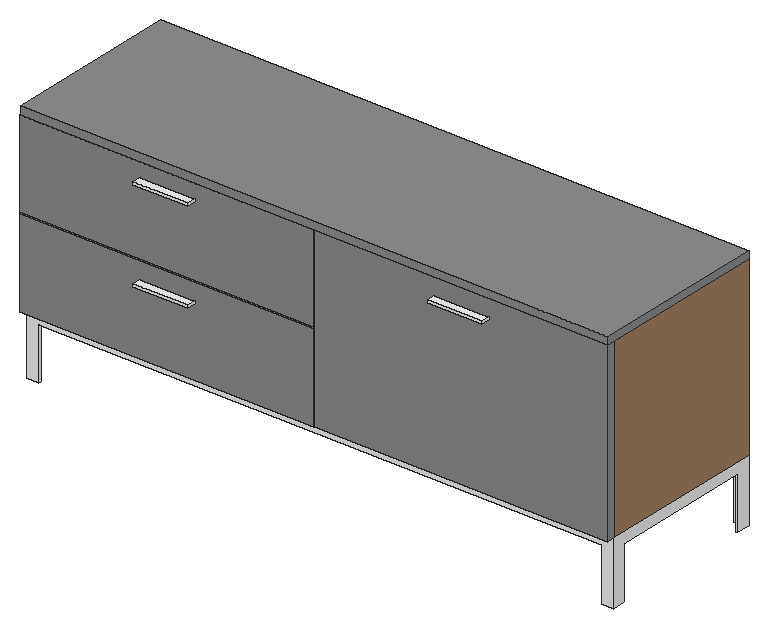
Revit family
Parameters (values of type "1400 x 400 x 400 mm")
  Profondità = 400 mm
  Manufacturer = "Revit"
  Piedi Visibili [instance] = yes
  Materiale Maniglie = Metallo - Alluminio
  Materiale Lati = Legno - Mogano
  Materiale = Smalto - Grigio
  Larghezza = 1400 mm
Types (4, lengths in mm): name | Larghezza
  (no name) | 1400
  1400 x 400 x 400 mm | 1400
  1200 x 400 x 400 mm | 1200
  1000 x 400 x 400 mm | 1000
Reference planes
  plane 1 "Center (Front/Back)": y = 0
  plane 2: z = 0
  plane 3 "Center (Left/Right)": x = -100
  plane 4: y = -400
  plane 5: x = -800
  plane 6: x = 600
  plane 7: x = -333.333
  plane 8: x = 133.333
  plane 9: z = 360
  plane 10: z = 530
Forms (mm)
  Extrusion 1, solid, material "Legno - Mogano" <- "Materiale Lati"
    sketch origin (0, 0, 150) x (1, 0, 0) y (0, 1, 0)
      loop
        line (-800, 0) -> (-800, -400) -> (600, -400) -> (600, 0) -> (-800, 0)
    from 0 to 20
  Extrusion 2, solid, material "Legno - Mogano" <- "Materiale Lati"
    sketch origin (0, 0, 170) x (1, 0, 0) y (0, 1, 0)
      loop
        line (-800, 0) -> (-800, -400) -> (-780, -400) -> (-780, -20) -> (580, -20) -> (580, -400) -> (600, -400) -> (600, 0) -> (-800, 0)
    from 0 to 400
  Extrusion 3, solid, material "Smalto - Grigio" <- "Materiale"
    sketch origin (0, 0, 570) x (1, 0, 0) y (0, 1, 0)
      loop
        line (-800, 0) -> (-800, -418) -> (600, -418) -> (600, 0) -> (-800, 0)
    from 0 to 18
  Extrusion 4, solid, material "Smalto - Grigio" <- "Materiale"
    sketch origin (-800, -400, 170) x (0, 0, -1) y (1, 0, 0)
      loop
        line (20, 702) -> (20, 1400) -> (-400, 1400) -> (-400, 702) -> (20, 702)
      loop
        line (20, 0) -> (20, 700) -> (-188, 700) -> (-188, 0) -> (20, 0)
      loop
        line (-400, 0) -> (-192, 0) -> (-192, 700) -> (-400, 700) -> (-400, 0)
    from 0 to 18
Cuts and joins
  joined: Extrusion 1, Extrusion 2
Lines and regions (mm)
  symbolic lines
    curve 1: line (600, 0, 0) -> (-800, 0, 0)
    curve 2: line (-800, 0, 0) -> (-800, -418, 0)
    curve 3: line (-800, -418, 0) -> (600, -418, 0)
    curve 4: line (600, -418, 0) -> (600, 0, 0)
    curve 5: line (236, -418, 0) -> (236, -438, 0)
    curve 6: line (236, -438, 0) -> (366, -438, 0)
    curve 7: line (366, -438, 0) -> (366, -418, 0)
    curve 8: line (-165, -418, 0) -> (-165, -438, 0)
    curve 9: line (-165, -438, 0) -> (-35, -438, 0)
    curve 10: line (-35, -438, 0) -> (-35, -418, 0)
    curve 11: line (-566, -418, 0) -> (-566, -438, 0)
    curve 12: line (-566, -438, 0) -> (-436, -438, 0)
    curve 13: line (-436, -438, 0) -> (-436, -418, 0)
Dimensions and locks
  "Profondità": plane 4 to plane 1 "Center (Front/Back)"
  "Larghezza": plane 5 to plane 6
  plane 5 to plane 6 = 1400 mm
  locked: Extrusion 2 sketch curve to Extrusion 2 sketch curve at 20  (x3)
  equal spacing: plane 5, plane 7, plane 8, plane 6
  equal spacing: Extrusion 4, nested 2, Extrusion 4
  equal spacing: Extrusion 4, nested 3, Extrusion 4
  equal spacing: Extrusion 4, nested 4, Extrusion 4
  equal spacing: Extrusion 3, plane 9, Extrusion 1
  equal spacing: plane 5, plane 3 "Center (Left/Right)", plane 6
  aligned and locked: plane 5 to Extrusion 1 sketch curve
  aligned and locked: plane 6 to Extrusion 1 sketch curve
  aligned and locked: Extrusion 2 sketch curve to Extrusion 1  (x2)
  aligned and locked: Extrusion 1 to Extrusion 2 sketch curve
  aligned and locked: Extrusion 3 to Extrusion 4
  aligned and locked: Extrusion 1 sketch curve to plane 5
  aligned and locked: Extrusion 3 sketch curve to plane 5
  aligned and locked: plane 6 to Extrusion 3 sketch curve
  aligned and locked: Extrusion 3 to nested 2
  aligned and locked: Extrusion 3 to nested 3
  aligned and locked: Extrusion 4 to nested 4
  aligned and locked: Extrusion 4 sketch curve to plane 6
  aligned and locked: Extrusion 4 sketch curve to plane 5
  aligned and locked: plane 5 to Extrusion 4 sketch curve
  aligned and locked: plane 5 to nested 1
  aligned and locked: nested 1 to plane 1 "Center (Front/Back)"
Automatic sketch dimensions
  curve 2 to curve 11 = 234 mm
  plane 4 to curve 13 = 38 mm
  curve 11 to curve 13 = 130 mm
  curve 9 to plane 3 "Center (Left/Right)" = 65 mm
  plane 3 "Center (Left/Right)" to curve 9 = 65 mm
  plane 4 to curve 5 = 38 mm
  curve 5 to curve 7 = 130 mm
  curve 10 to curve 10 = 20 mm
  Extrusion 1 sketch curve to plane 4 = 0 mm
  Extrusion 1 sketch curve to plane 1 "Center (Front/Back)" = 0 mm
  Extrusion 2 sketch curve to plane 4 = 0 mm  (x2)
  Extrusion 3 sketch curve to plane 1 "Center (Front/Back)" = 0 mm
  plane 4 to Extrusion 3 sketch curve = 18 mm
  curve 1 to plane 1 "Center (Front/Back)" = 0 mm
  curve 1 to plane 5 = 0 mm
  curve 4 to plane 6 = 0 mm
  curve 9 to curve 6 = 271 mm
  plane 4 to curve 10 = 38 mm
  Extrusion 4 sketch curve to plane 3 "Center (Left/Right)" = 0 mm  (x2)
  Extrusion 4 sketch curve to plane 10 = 40 mm
  Extrusion 4 sketch curve to Extrusion 4 sketch curve = 0 mm  (x2)
  Extrusion 4 sketch curve to plane 9 = 2 mm
  plane 9 to Extrusion 4 sketch curve = 2 mm
  level to Extrusion 4 sketch curve = 150 mm
  plane 3 "Center (Left/Right)" to Extrusion 4 sketch curve = 2 mm
Nested families
  nested 1: "IT_Piedi Cassettiere" at (-100, -200, 0), visible <- "Piedi Visibili", type "IT_Piedi Cassettiere"
    with Larghezza 1400 mm
  nested 2: "IT_Maniglia" at (251, -418, 524), type "130 x 20 mm", detail levels medium+fine
  nested 3: "IT_Maniglia" at (-450, -418, 530), type "130 x 20 mm", detail levels medium+fine
  nested 4: "IT_Maniglia" at (-450, -418, 312), type "130 x 20 mm", detail levels medium+fine
Definition of nested family "IT_Piedi Cassettiere"
  Parameters
    Manufacturer = "Revit"
    Materiale = none
    Lunghezza = 400 mm
    Larghezza = 1200 mm
  Reference planes
    plane 1 "Center (Front/Back)": y = 0
    plane 2: z = 0
    plane 3 "Center (Left/Right)": x = 0
    plane 4: x = -600
    plane 5: x = 600
    plane 6: y = 200
    plane 7: y = -200
  Forms (mm)
    Extrusion 1, solid, material <- "Materiale"
      sketch origin (0, 0, 0) x (1, 0, 0) y (0, 1, 0)
        loop
          line (-600, 200) -> (-600, 170) -> (-595, 170) -> (-595, 195) -> (-570, 195) -> (-570, 200) -> (-600, 200)
        loop
          line (600, 200) -> (570, 200) -> (570, 195) -> (595, 195) -> (595, 170) -> (600, 170) -> (600, 200)
        loop
          line (-600, -200) -> (-570, -200) -> (-570, -195) -> (-595, -195) -> (-595, -170) -> (-600, -170) -> (-600, -200)
        loop
          line (600, -200) -> (600, -170) -> (595, -170) -> (595, -195) -> (570, -195) -> (570, -200) -> (600, -200)
      from 0 to 150
    Extrusion 2, solid, material <- "Materiale"
      sketch origin (0, 0, 0) x (1, 0, 0) y (0, 1, 0)
        loop
          line (-600, 170) -> (-600, -170) -> (-595, -170) -> (-595, 170) -> (-600, 170)
        loop
          line (595, 170) -> (595, -170) -> (600, -170) -> (600, 170) -> (595, 170)
        loop
          line (570, 200) -> (-570, 200) -> (-570, 195) -> (570, 195) -> (570, 200)
        loop
          line (570, -195) -> (-570, -195) -> (-570, -200) -> (570, -200) -> (570, -195)
      from 125 to 150
  Cuts and joins
    joined: Extrusion 1, Extrusion 2
  Dimensions and locks
    locked: Extrusion 1 sketch curve to Extrusion 1 sketch curve at 30  (x8)
    locked: Extrusion 1 sketch curve to Extrusion 1 sketch curve at 5  (x8)
    equal spacing: plane 4, plane 3 "Center (Left/Right)", plane 5
    "Larghezza": plane 4 to plane 5
    "Lunghezza": plane 7 to plane 6
    equal spacing: plane 7, plane 1 "Center (Front/Back)", plane 6
    aligned and locked: plane 4 to Extrusion 1
    aligned and locked: plane 6 to Extrusion 1
    aligned and locked: Extrusion 1 to plane 7
    aligned and locked: plane 5 to Extrusion 1
    aligned and locked: Extrusion 1 sketch curve to plane 6
    aligned and locked: Extrusion 1 sketch curve to plane 5
    aligned and locked: plane 5 to Extrusion 1 sketch curve
    aligned and locked: Extrusion 1 sketch curve to plane 7  (x2)
    aligned and locked: plane 4 to Extrusion 1 sketch curve
    aligned and locked: Extrusion 1 to Extrusion 2 sketch curve  (x6)
    aligned and locked: Extrusion 2 sketch curve to Extrusion 1  (x10)
  Automatic sketch dimensions
    Extrusion 1 sketch curve to plane 4 = 0 mm
    Extrusion 1 sketch curve to plane 6 = 0 mm
Definition of nested family "IT_Maniglia"
  Parameters (values of type "130 x 20 mm")
    Manufacturer = "Revit"
    Materiale = none
  Reference planes
    plane 1 "Center (Front/Back)": y = 0
    plane 2: z = 0
    plane 3 "Center (Left/Right)": x = 0
    plane 4: x = 0
  Forms (mm)
    Extrusion 1, solid, material <- "Materiale"
      sketch origin (606.104, 622.846, 0) x (1, 0, 0) y (0, 1, 0)
        loop
          line (-671.104, -622.846) -> (-671.104, -642.846) -> (-541.104, -642.846) -> (-541.104, -622.846) -> (-671.104, -622.846)
      from 0 to 6
  Dimensions and locks
    locked: Extrusion 1 sketch curve to Extrusion 1 sketch curve at 20
    locked: Extrusion 1 sketch curve to Extrusion 1 sketch curve at 130
